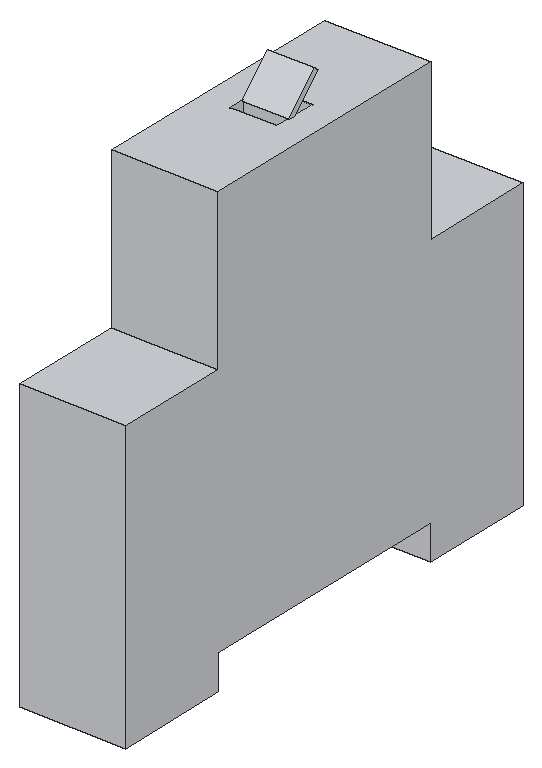
Revit family "Power-ModularDevices-GEWISS-90AM-SWITCH_DISCONNECTOR_1P", category Apparecchi elettrici, host Superficie, Revit 2016
Family settings
  Host = Superficie
  Mantenere orientamento annotazione = Sì
  Tipo di parte = Normale
  Quota connettore circolare = Usa diametro
  Numero OmniClass = 23.80.50.00
  Titolo OmniClass = Terminals for Power Supply
  Taglio con vuoti quando caricato = No
  Condiviso = No
  Punto di calcolo locali = Sì
Parameters (values of type "GW96149 - SWITCH DISCONNECTOR 1P 125A")
  potenza in watt = 0 V
  carico = Altro
  Version file RFA = "18.0"
  URL = "https://www.gewiss.com/ww/en"
  Technical sheet = "https://www.gewiss.com/ww/en/search?q=GW96149"
  Standard = "EN 60947-3"
  Spostamento_x = -340 mm
  SS [instance] = 69.967 mm
  SIMBOLO IN PIANTA [instance] = yes
  SEO = "Disconnector"
  Realized by GEWISS S.p.A. = ""
  Rated voltage AC = "240V"
  Rated voltage = "240Vac"
  Rated current: = "125A"
  Rated current (In) = "125A"
  Default Elevation = 1219.2 mm
  Produttore = "GEWISS S.p.A."
  Numero di poli_ = 1
  Spost_x_eff [instance] = 4000 mm + Spostamento_x  # 3660 mm
  Number of poles = "1P"
  No. of poles = "1P"
  No. of modules EN 50022 = "1"
  No. Chorus modules = "1"
  Modello = "GW96149"
  Immagine tipo = GW96149.jpg
  IFC.TypeObject = ""
  IFC.ExportType = ""
  IFC.ExportAs = ""
  IDT = "40516cf6-468f-4aee-98f1-bc95d749a16b"
  IDF = "5e9ca414-9624-4947-b1af-397c8127a2ce"
  Electrocod = "1422"
  EAN code = "8011564131644"
  Descrizione = "SWITCH DISCONNECTOR 1P 125A"
  Catalogue Range = "90 AM"
  Catalogue = "POWER"
  COBie.Tagnumber = ""
  COBie.CreatedOn = ""
  COBie.CreatebBy = ""
  COBie.ComponentRegisterItemID = ""
  COBie.Component.TagNumber = ""
  COBie.Component.Space = ""
  COBie.Component.SerialNumber = ""
  COBie.Component.InstallationDate = ""
  COBie.Component.Description = ""
  COBie.Component.BarCode = ""
  Barra_DIN = 0 mm
Types (7, lengths in mm): name | URL | Technical sheet | Rated current: | Rated current (In) | Produttore | Modello | Immagine tipo | IDT | EAN code | Descrizione
  (no name) | 0 | "" | "" | "" | 0 | 0 | GW96149.jpg | "" | "" | 0
  GW96149 - SWITCH DISCONNECTOR 1P 125A | "https://www.gewiss.com/ww/en" | "https://www.gewiss.com/ww/en/search?q=GW96149" | "125A" | "125A" | "GEWISS S.p.A." | "GW96149" | GW96149.jpg | "40516cf6-468f-4aee-98f1-bc95d749a16b" | "8011564131644" | "SWITCH DISCONNECTOR 1P 125A"
  GW96148 - SWITCH DISCONNECTOR 1P 100A | "https://www.gewiss.com/ww/en" | "https://www.gewiss.com/ww/en/search?q=GW96148" | "100A" | "100A" | "GEWISS S.p.A." | "GW96148" | GW96148.jpg | "bdb1aaac-9780-499d-ab9d-3ee8342d0ecb" | "8011564131637" | "SWITCH DISCONNECTOR 1P 100A"
  GW96147 - SWITCH DISCONNECTOR 1P 80A | "https://www.gewiss.com/ww/en" | "https://www.gewiss.com/ww/en/search?q=GW96147" | "80A" | "80A" | "GEWISS S.p.A." | "GW96147" | GW96147.jpg | "ab5e5b58-90d8-4495-8401-e3c192f40e53" | "8011564131620" | "SWITCH DISCONNECTOR 1P 80A"
  GW96146 - SWITCH DISCONNECTOR 1P 63A | "https://www.gewiss.com/ww/en" | "https://www.gewiss.com/ww/en/search?q=GW96146" | "63A" | "63A" | "GEWISS S.p.A." | "GW96146" | GW96146.jpg | "ce5ba25f-60f4-40e9-a796-1d1532b25aec" | "8011564131613" | "SWITCH DISCONNECTOR 1P 63A"
  GW96105 - SWITCH DISCONNECTOR 1P 40A | "https://www.gewiss.com/ww/en" | "https://www.gewiss.com/ww/en/search?q=GW96105" | "40A" | "40A" | "GEWISS S.p.A." | "GW96105" | GW96105.jpg | "442ad848-db56-4c22-94c7-95679c3976c1" | "8011564113695" | "SWITCH DISCONNECTOR 1P 40A"
  GW96104 - SWITCH DISCONNECTOR 1P 32A | "https://www.gewiss.com/ww/en" | "https://www.gewiss.com/ww/en/search?q=GW96104" | "32A" | "32A" | "GEWISS S.p.A." | "GW96104" | GW96104.jpg | "1d223dee-5e15-43fe-ab76-183caf28b087" | "8011564110250" | "SWITCH DISCONNECTOR 1P 32A"
Values of the unnamed type that differ from the named types
  Version file RFA = ""
  Standard = ""
  SEO = ""
  Rated voltage AC = ""
  Rated voltage = ""
  Number of poles = ""
  No. of poles = ""
  No. of modules EN 50022 = ""
  No. Chorus modules = ""
  IDF = ""
  Electrocod = ""
  Catalogue Range = ""
  Catalogue = ""
Reference planes
  plane 1 "Centro (Fronte/Retro)": y = 0
  plane 2: z = 0
  plane 3 "Centro (Sinistra/Destra)": x = 0
  plane 4: z = 0
  plane 5: x = -4000
  plane 6: x = -340
  plane 7: y = 69.967
  plane 8: through (-123.33, 176.629, 1219.2) normal (0.4695, 0.8829, 0)
  plane 9: y = -171.035
Text (mm)
  text "AB_O=5" at (124.836, -56.641, 0), in view "Livello rif."
Dimensions and locks
  "Barra_DIN": host face to plane 4
  plane 5 to plane 3 "Centro (Sinistra/Destra)" = 4000 mm
  "Spost_x_eff": plane 5 to plane 6
  "SS": plane 1 "Centro (Fronte/Retro)" to plane 7
  angle plane 8 to plane 9 = 28.00°  (x2)
  angle plane 3 "Centro (Sinistra/Destra)" to plane 8 = 62.00°
  angle plane 9 to plane 5 = 90.00°
  aligned and locked: plane 2 to host face
  aligned and locked: level to host face
  aligned and locked: plane 3 "Centro (Sinistra/Destra)" to nested 1
  aligned and locked: plane 1 "Centro (Fronte/Retro)" to nested 1
  aligned and locked: plane 6 to nested 2
  aligned and locked: nested 2 to plane 7
Automatic sketch dimensions
  host sketch curve to host sketch curve = 6519.2 mm
  host sketch curve to host sketch curve = 4328.142 mm
Nested families
  nested 1: "GENERICO - 90AM SEZIONATORI 1P" at (0, 0, 0), type "GENERICO - 90AM SEZIONATORI 1P"
  nested 2: "MANOVRA" at (-340, 69.967, 0), visible <- "SIMBOLO IN PIANTA", type "MANOVRA"
Connectors
  electrical at (-4, 0, 67.5), driven by "Numero di poli_", driven by "potenza in watt"
    settings: on nested 1, index 1, voltage 0 V, apparent load 0 VA, apparent load phase1 0 VA, apparent load phase2 0 VA, apparent load phase3 0 VA, power factor 1, load classification "Altro", number of poles 1, system type 31, power factor state 1, is connector primary yes, connector utility no, sub classification motor no, connector description ""
Definition of nested family "GENERICO - 90AM SEZIONATORI 1P"
  Parameters (values of type "GENERICO - 90AM SEZIONATORI 1P")
    h_barra din = if(Altezza barre = 1 mm, 69.9 mm, if(Altezza barre = 2 mm, 115.8 mm, 0 mm))  # 0 mm
    Default Elevation = 1219.2 mm
    H = if(AB_O = 1, AB_V, if(AB_O = 2, AB_H, 50.8 mm))  # 50.8 mm
    Dist barra din = 0 mm  # constant formula
    C1 = 49 mm  # constant formula
    C = 70 mm  # constant formula
    B = 84 mm  # constant formula
    Altezza barre = 5 mm  # constant formula
    AB_V = 3 mm  # constant formula
    AB_H = 5 mm  # constant formula
    AB_O = 0  # constant formula
    A = 18 mm  # constant formula
  Reference planes
    plane 1 "Centro (Fronte/Retro)": y = 0
    plane 2: z = 0
    plane 3 "Centro (Sinistra/Destra)": x = 0
    plane 4: y = -42
    plane 5: y = 42
    plane 6: z = 0
    plane 7: z = -6
    plane 8 "top": z = 70
    plane 9 "incasso": z = 43
    plane 10: y = -22.5
    plane 11: y = 22.5
    plane 12: x = -9
    plane 13: x = 9
    plane 14: through (4267.2, -42.5, 9) normal (0, -0.1901, 0.9818)
    plane 15 "POSIZIONE": z = 70
    plane 16: y = 3.75
    plane 17: y = -3.75
    plane 18: through (-18, -1524, 18.5) normal (-0.891, 0, -0.454)
    plane 19: through (-36.892, 84.001, 1200) normal (0.9205, -0.3907, 0)
    plane 20: through (63.319, -123.627, 1200) normal (-0.9925, 0.1219, 0)
    plane 21: x = -4
    plane 22: x = 4
    plane 23: z = 65
    plane 24: x = -1.458
    plane 25: x = 1.458
  Forms (mm)
    Extrusion 1, solid
      sketch origin (0, 0, 0) x (0, 1, 0) y (0, 0, 1)
        loop
          line (-22.5, 0) -> (22.5, 0) -> (22.5, -6) -> (42, -6) -> (42, 43) -> (22.5, 43) -> (22.5, 70) -> (-22.5, 70) -> (-22.5, 43) -> (-42, 43) -> (-42, -6) -> (-22.5, -6) -> (-22.5, 0)
      from -9 to 9
    Extrusion 2, void
      sketch origin (0, 0, 70) x (1, 0, 0) y (0, 1, 0)
        loop
          line (-4, 3.75) -> (-4, -3.75) -> (4, -3.75) -> (4, 3.75) -> (-4, 3.75)
      from -5 to 0
    Extrusion 3, solid
      sketch origin (0, 0, 0) x (0, 1, 0) y (0, 0, 1)
        loop
          line (0, 70) -> (4.778, 74.778) -> (4.175, 75.38) -> (-1.206, 70) -> (0, 70)
      from -4 to 4
    Extrusion 4, solid
      sketch origin (0, 0, 0) x (0, 1, 0) y (0, 0, 1)
        loop
          line (-0.971, 70) -> (-0.971, 65) -> (0, 65) -> (0, 70) -> (-0.971, 70)
      from -4 to 4
  Cuts and joins
    Extrusion 2 cuts Extrusion 1
    joined: Extrusion 3, Extrusion 4
  Lines and regions (mm)
    symbolic lines
      curve 1: line (0, 0, 15) -> (0, 0, -6)
      curve 2: line (0, -22.5, 0) -> (0, 22.5, 0)
    model lines
      curve 3: line (-9, 42, 43) -> (-9, 22.5, 43)
      curve 4: line (9, 42, 43) -> (9, 22.5, 43)
      curve 5: line (-9, -22.5, 43) -> (-9, -42, 43)
      curve 6: line (9, -22.5, 43) -> (9, -42, 43)
      curve 7: line (-9, 22.5, 70) -> (-9, 3.75, 70)
      curve 8: line (9, 22.5, 70) -> (9, 3.75, 70)
      curve 9: line (-9, -3.75, 70) -> (-9, -22.5, 70)
      curve 10: line (3.538, -13.625, 70) -> (3.538, -15.5, 70)
      curve 11: line (3.538, -15.5, 70) -> (7.288, -15.5, 70)
      curve 12: line (7.288, -15.5, 70) -> (7.288, -13.625, 70)
      curve 13: line (7.288, -13.625, 70) -> (3.538, -13.625, 70)
      curve 14: line (3.52, 10.53, 70) -> (8.796, 8.337, 70)
      curve 15: line (8.796, 8.337, 70) -> (8.796, 1.03, 70)
      curve 16: line (8.796, 1.03, 70) -> (-8.749, 1.03, 70)
      curve 17: line (-8.749, 1.03, 70) -> (-8.749, 8.337, 70)
      curve 18: line (-8.749, 8.337, 70) -> (-3.473, 10.53, 70)
      curve 19: line (-6.358, -8.726, 70) -> (-6.358, 1.03, 70)
      curve 20: line (-8.749, 6.53, 70) -> (8.796, 6.53, 70)
      curve 21: line (-9, -8.726, 70) -> (9, -8.726, 70)
      curve 22: line (5.016, 1.03, 70) -> (5.016, -8.726, 70)
      curve 23: line (5.016, -5.47, 70) -> (-4.969, -5.47, 70)
      curve 24: line (5.016, -3.47, 70) -> (-4.969, -3.47, 70)
      curve 25: line (-4.969, -8.726, 70) -> (-4.969, 1.03, 70)
      curve 26: line (6.405, -8.726, 70) -> (6.405, 1.03, 70)
      curve 112: line (-9, 10.53, 70) -> (9, 10.53, 70)
    model lines, detail levels fine
      curve 27: line (-5.074, -19.997, 70) -> (-5.074, -22.013, 70)
      curve 28: line (-5.074, -22.013, 70) -> (-5.749, -22.013, 70)
      curve 29: line (-5.749, -22.013, 70) -> (-6.141, -21.963, 70)
      curve 30: line (-6.141, -21.963, 70) -> (-6.62, -21.751, 70)
      curve 31: line (-6.62, -21.751, 70) -> (-7.001, -21.398, 70)
      curve 32: line (-7.001, -21.398, 70) -> (-7.253, -20.922, 70)
      curve 33: line (-7.253, -20.922, 70) -> (-7.331, -20.415, 70)
      curve 34: line (-7.331, -20.415, 70) -> (-7.255, -19.948, 70)
      curve 35: line (-7.255, -19.948, 70) -> (-7.053, -19.536, 70)
      curve 36: line (-7.053, -19.536, 70) -> (-6.689, -19.16, 70)
      curve 37: line (-6.689, -19.16, 70) -> (-6.25, -18.931, 70)
      curve 38: line (-6.25, -18.931, 70) -> (-5.756, -18.85, 70)
      curve 39: line (-5.756, -18.85, 70) -> (-5.074, -18.85, 70)
      curve 40: line (-5.074, -18.85, 70) -> (-5.074, -19.719, 70)
      curve 41: line (-5.074, -19.719, 70) -> (-6.221, -19.719, 70)
      curve 42: line (-6.221, -19.719, 70) -> (-6.221, -21.144, 70)
      curve 43: line (-6.221, -21.144, 70) -> (-5.942, -21.144, 70)
      curve 44: line (-5.942, -21.144, 70) -> (-5.942, -19.997, 70)
      curve 45: line (-5.942, -19.997, 70) -> (-5.074, -19.997, 70)
      curve 46: line (-2.345, -22.013, 70) -> (-4.796, -22.013, 70)
      curve 47: line (-4.796, -22.013, 70) -> (-4.796, -18.85, 70)
      curve 48: line (-4.796, -18.85, 70) -> (-3.492, -18.85, 70)
      curve 49: line (-3.492, -18.85, 70) -> (-3.492, -19.719, 70)
      curve 50: line (-3.492, -19.719, 70) -> (-3.927, -19.719, 70)
      curve 51: line (-3.927, -19.719, 70) -> (-3.927, -19.997, 70)
      curve 52: line (-3.927, -19.997, 70) -> (-2.345, -19.997, 70)
      curve 53: line (-2.345, -19.997, 70) -> (-2.345, -20.866, 70)
      curve 54: line (-2.345, -20.866, 70) -> (-3.927, -20.866, 70)
      curve 55: line (-3.927, -20.866, 70) -> (-3.927, -21.144, 70)
      curve 56: line (-3.927, -21.144, 70) -> (-2.345, -21.144, 70)
      curve 57: line (-2.345, -21.144, 70) -> (-2.345, -22.013, 70)
      curve 58: line (2.086, -22.013, 70) -> (2.086, -19.997, 70)
      curve 59: line (2.086, -19.997, 70) -> (1.217, -19.997, 70)
      curve 60: line (1.217, -19.997, 70) -> (1.217, -22.013, 70)
      curve 61: line (1.217, -22.013, 70) -> (2.086, -22.013, 70)
      curve 62: line (-0.825, -22.013, 70) -> (-0.564, -20.709, 70)
      curve 63: line (-0.564, -20.709, 70) -> (-0.303, -22.013, 70)
      curve 64: line (-0.303, -22.013, 70) -> (0.566, -22.013, 70)
      curve 65: line (0.566, -22.013, 70) -> (1.104, -19.719, 70)
      curve 66: line (1.104, -19.719, 70) -> (2.086, -19.719, 70)
      curve 67: line (2.086, -19.719, 70) -> (2.086, -18.85, 70)
      curve 68: line (2.086, -18.85, 70) -> (0.418, -18.85, 70)
      curve 69: line (0.418, -18.85, 70) -> (0.105, -20.188, 70)
      curve 70: line (0.105, -20.188, 70) -> (-0.112, -18.85, 70)
      curve 71: line (-0.112, -18.85, 70) -> (-1.016, -18.85, 70)
      curve 72: line (-1.016, -18.85, 70) -> (-1.233, -20.188, 70)
      curve 73: line (-1.233, -20.188, 70) -> (-1.546, -18.85, 70)
      curve 74: line (-1.546, -18.85, 70) -> (-3.214, -18.85, 70)
      curve 75: line (-3.214, -18.85, 70) -> (-3.214, -19.719, 70)
      curve 76: line (-3.214, -19.719, 70) -> (-2.232, -19.719, 70)
      curve 77: line (-2.232, -19.719, 70) -> (-1.695, -22.013, 70)
      curve 78: line (-1.695, -22.013, 70) -> (-0.825, -22.013, 70)
      curve 79: line (4.815, -18.85, 70) -> (2.364, -18.85, 70)
      curve 80: line (2.364, -18.85, 70) -> (2.364, -20.866, 70)
      curve 81: line (2.364, -20.866, 70) -> (3.946, -20.866, 70)
      curve 82: line (3.946, -20.866, 70) -> (3.946, -21.144, 70)
      curve 83: line (3.946, -21.144, 70) -> (2.364, -21.144, 70)
      curve 84: line (2.364, -21.144, 70) -> (2.364, -22.013, 70)
      curve 85: line (2.364, -22.013, 70) -> (4.815, -22.013, 70)
      curve 86: line (4.815, -22.013, 70) -> (4.815, -19.997, 70)
      curve 87: line (4.815, -19.997, 70) -> (3.233, -19.997, 70)
      curve 88: line (3.233, -19.997, 70) -> (3.233, -19.719, 70)
      curve 89: line (3.233, -19.719, 70) -> (4.815, -19.719, 70)
      curve 90: line (4.815, -19.719, 70) -> (4.815, -18.85, 70)
      curve 91: line (5.093, -18.85, 70) -> (5.093, -20.866, 70)
      curve 92: line (5.093, -20.866, 70) -> (6.568, -20.866, 70)
      curve 93: line (6.568, -20.866, 70) -> (6.568, -21.144, 70)
      curve 94: line (6.568, -21.144, 70) -> (5.093, -21.144, 70)
      curve 95: line (5.093, -21.144, 70) -> (5.093, -22.013, 70)
      curve 96: line (5.093, -22.013, 70) -> (5.962, -22.013, 70)
      curve 97: line (5.962, -22.013, 70) -> (6.464, -21.851, 70)
      curve 98: line (6.464, -21.851, 70) -> (6.788, -21.64, 70)
      curve 99: line (6.788, -21.64, 70) -> (7.158, -21.185, 70)
      curve 100: line (7.158, -21.185, 70) -> (7.331, -20.675, 70)
      curve 101: line (7.331, -20.675, 70) -> (7.336, -20.222, 70)
      curve 102: line (7.336, -20.222, 70) -> (7.289, -19.997, 70)
      curve 103: line (7.289, -19.997, 70) -> (5.962, -19.997, 70)
      curve 104: line (5.962, -19.997, 70) -> (5.962, -19.719, 70)
      curve 105: line (5.962, -19.719, 70) -> (7.17, -19.719, 70)
      curve 106: line (7.17, -19.719, 70) -> (7.013, -19.456, 70)
      curve 107: line (7.013, -19.456, 70) -> (6.787, -19.222, 70)
      curve 108: line (6.787, -19.222, 70) -> (6.473, -19.015, 70)
      curve 109: line (6.473, -19.015, 70) -> (6.144, -18.895, 70)
      curve 110: line (6.144, -18.895, 70) -> (5.775, -18.85, 70)
      curve 111: line (5.775, -18.85, 70) -> (5.093, -18.85, 70)
    model lines, detail levels medium+fine
      curve 113: line (0.541, -35.844, 43) -> (-0.752, -35.498, 43)
      curve 114: line (-0.752, -35.498, 43) -> (-1.699, -34.551, 43)
      curve 115: line (-1.699, -34.551, 43) -> (-2.046, -33.258, 43)
      curve 116: line (-2.046, -33.258, 43) -> (-1.699, -31.964, 43)
      curve 117: line (-1.699, -31.964, 43) -> (-0.752, -31.017, 43)
      curve 118: line (-0.752, -31.017, 43) -> (0.541, -30.671, 43)
      curve 119: line (0.541, -30.671, 43) -> (1.834, -31.017, 43)
      curve 120: line (1.834, -31.017, 43) -> (2.781, -31.964, 43)
      curve 121: line (2.781, -31.964, 43) -> (3.128, -33.258, 43)
      curve 122: line (3.128, -33.258, 43) -> (2.781, -34.551, 43)
      curve 123: line (2.781, -34.551, 43) -> (1.834, -35.498, 43)
      curve 124: line (1.834, -35.498, 43) -> (0.541, -35.844, 43)
      curve 125: line (-0.812, -31.905, 43) -> (1.894, -34.611, 43)
      curve 126: line (-0.812, -34.611, 43) -> (1.894, -31.905, 43)
      curve 127: line (0.541, 35.829, 43) -> (-0.752, 35.483, 43)
      curve 128: line (-0.752, 35.483, 43) -> (-1.699, 34.536, 43)
      curve 129: line (-1.699, 34.536, 43) -> (-2.046, 33.242, 43)
      curve 130: line (-2.046, 33.242, 43) -> (-1.699, 31.949, 43)
      curve 131: line (-1.699, 31.949, 43) -> (-0.752, 31.002, 43)
      curve 132: line (-0.752, 31.002, 43) -> (0.541, 30.656, 43)
      curve 133: line (0.541, 30.656, 43) -> (1.834, 31.002, 43)
      curve 134: line (1.834, 31.002, 43) -> (2.781, 31.949, 43)
      curve 135: line (2.781, 31.949, 43) -> (3.128, 33.242, 43)
      curve 136: line (3.128, 33.242, 43) -> (2.781, 34.536, 43)
      curve 137: line (2.781, 34.536, 43) -> (1.834, 35.483, 43)
      curve 138: line (1.834, 35.483, 43) -> (0.541, 35.829, 43)
      curve 139: line (0.72, 35.147, 43) -> (0.361, 31.337, 43)
      curve 140: line (2.446, 33.063, 43) -> (-1.364, 33.422, 43)
  Text (mm)
    text "AB_V" at (0, 50.868, 44.72), in view "Destra"
    text "AB_O" at (0, -80.659, 111.963), in view "Destra"
    text "AB_O" at (-90.351, 0, 31.414), in view "Anteriore"
    text "AB_V=0" at (25.467, -49.469, 0), in view "Livello rif."
  Dimensions and locks
    equal spacing: plane 4, plane 1 "Centro (Fronte/Retro)", plane 5
    "B": plane 4 to plane 5
    "Dist barra din": plane 6 to level
    locked: plane 6 to plane 7 at 6
    "C": plane 15 "POSIZIONE" to plane 6
    equal spacing: plane 10, plane 1 "Centro (Fronte/Retro)", plane 11
    plane 10 to plane 11 = 45 mm
    equal spacing: plane 12, plane 3 "Centro (Sinistra/Destra)", plane 13
    "A": plane 12 to plane 13
    "C1": plane 9 "incasso" to plane 7
    plane 12 to plane 13 = 18 mm
    equal spacing: plane 21, plane 3 "Centro (Sinistra/Destra)", plane 22
    equal spacing: plane 17, plane 1 "Centro (Fronte/Retro)", plane 16
    plane 17 to plane 16 = 7.5 mm
    locked: plane 15 "POSIZIONE" to plane 23 at 5
    equal spacing: plane 24, plane 3 "Centro (Sinistra/Destra)", plane 25
    angle level to plane 14 = 10.9557°
    angle plane 4 to plane 8 "top" = 90.00°
    angle plane 15 "POSIZIONE" to plane 13 = 90.00°
    angle plane 7 to plane 18 = 117.00°
    angle plane 19 to plane 20 = 16.00°
    angle plane 20 to plane 13 = 7.00°
    aligned and locked: level to plane 2
    aligned and locked: Extrusion 1 sketch curve to plane 6
    aligned and locked: Extrusion 1 sketch curve to plane 7
    aligned and locked: Extrusion 1 sketch curve to plane 4
    aligned and locked: Extrusion 1 sketch curve to plane 9 "incasso"  (x2)
    aligned and locked: Extrusion 1 sketch curve to plane 11  (x2)
    aligned and locked: Extrusion 1 sketch curve to plane 5
    aligned and locked: Extrusion 1 sketch curve to plane 10  (x2)
    aligned and locked: plane 1 "Centro (Fronte/Retro)" to curve 1
    aligned and locked: Extrusion 1 to plane 6
    aligned and locked: Extrusion 1 to plane 12
    aligned and locked: plane 13 to Extrusion 1
    aligned and locked: plane 15 "POSIZIONE" to Extrusion 1 sketch curve
    aligned and locked: Extrusion 2 sketch curve to plane 16
    aligned and locked: Extrusion 2 sketch curve to plane 21
    aligned and locked: plane 17 to Extrusion 2 sketch curve
    aligned and locked: plane 22 to Extrusion 2 sketch curve
    aligned and locked: cut or joined group of Extrusion 1, Extrusion 2 to plane 23
    aligned and locked: plane 8 "top" to Extrusion 2
    aligned and locked: Extrusion 4 sketch curve to plane 1 "Centro (Fronte/Retro)"
    aligned and locked: Extrusion 4 to plane 21
    aligned and locked: plane 22 to Extrusion 4
    aligned and locked: Extrusion 3 to plane 21
    aligned and locked: plane 22 to Extrusion 3
  Automatic sketch dimensions
    Extrusion 1 sketch curve to plane 7 = 0 mm
    curve 2 to level = 0 mm
    curve 2 to plane 10 = 0 mm
    curve 2 to plane 11 = 0 mm
    curve 1 to plane 7 = 0 mm
    level to curve 1 = 15 mm
    curve 4 to plane 5 = 0 mm
    curve 3 to plane 5 = 0 mm
    curve 4 to plane 11 = 0 mm
    curve 3 to plane 11 = 0 mm
    curve 6 to plane 10 = 0 mm
    curve 5 to plane 10 = 0 mm
    curve 6 to plane 4 = 0 mm
    curve 5 to plane 4 = 0 mm
    curve 3 to plane 12 = 0 mm
    curve 5 to plane 12 = 0 mm
    curve 4 to plane 13 = 0 mm
    curve 6 to plane 13 = 0 mm
    curve 7 to plane 11 = 0 mm
    curve 7 to plane 12 = 0 mm
    curve 21 to plane 12 = 0 mm
    curve 21 to plane 13 = 0 mm
    curve 8 to plane 13 = 0 mm
    curve 9 to plane 10 = 0 mm
    plane 17 to curve 9 = 0 mm
    plane 16 to curve 7 = 0 mm
    plane 16 to curve 8 = 0 mm
    curve 8 to plane 11 = 0 mm
    plane 12 to curve 16 = 0.251 mm
    plane 12 to curve 34 = 1.669 mm
    curve 33 to curve 34 = 0.076 mm
    curve 33 to curve 33 = 0.078 mm
    curve 34 to curve 35 = 0.202 mm
    curve 32 to curve 32 = 0.252 mm
    curve 35 to curve 36 = 0.363 mm
    plane 10 to curve 31 = 0.749 mm
    curve 31 to curve 31 = 0.381 mm
    curve 36 to curve 38 = 0.439 mm
    curve 30 to curve 43 = 0.399 mm
    plane 10 to curve 30 = 0.537 mm
    curve 30 to curve 30 = 0.479 mm
    curve 42 to curve 44 = 0.279 mm
    curve 37 to curve 39 = 0.494 mm
    plane 10 to curve 29 = 0.487 mm
    curve 29 to curve 29 = 0.392 mm
    curve 38 to curve 39 = 0.682 mm
    curve 27 to curve 40 = 0 mm
    curve 39 to curve 48 = 0.278 mm
    plane 21 to curve 52 = 0.073 mm
    plane 21 to curve 55 = 0.073 mm
    plane 21 to curve 48 = 0.508 mm
    curve 48 to curve 74 = 0.278 mm
    curve 52 to plane 24 = 0.888 mm
    curve 53 to curve 57 = 0 mm
    curve 52 to curve 76 = 0.113 mm
    curve 78 to plane 24 = 0.237 mm
    curve 74 to plane 24 = 0.088 mm
    plane 24 to curve 73 = 0.225 mm
    plane 24 to curve 71 = 0.442 mm
    plane 24 to curve 62 = 0.633 mm
    curve 63 to plane 3 "Centro (Sinistra/Destra)" = 0.564 mm
    curve 63 to plane 3 "Centro (Sinistra/Destra)" = 0.303 mm
    curve 70 to plane 3 "Centro (Sinistra/Destra)" = 0.112 mm
    plane 3 "Centro (Sinistra/Destra)" to curve 70 = 0.105 mm
    plane 3 "Centro (Sinistra/Destra)" to curve 69 = 0.418 mm
    plane 3 "Centro (Sinistra/Destra)" to curve 65 = 0.566 mm
    curve 65 to plane 25 = 0.354 mm
    curve 59 to plane 25 = 0.241 mm
    plane 25 to curve 58 = 0.628 mm
    plane 25 to curve 68 = 0.628 mm
    curve 58 to curve 85 = 0.278 mm
    curve 67 to curve 79 = 0.278 mm
    curve 88 to plane 22 = 0.767 mm
    curve 10 to plane 22 = 0.462 mm
    curve 82 to plane 22 = 0.054 mm
    plane 22 to curve 85 = 0.815 mm
    curve 90 to curve 86 = 0 mm
    curve 85 to curve 94 = 0.278 mm
    curve 79 to curve 91 = 0.278 mm
    curve 91 to curve 111 = 0.682 mm
    curve 95 to curve 96 = 0.869 mm
    curve 86 to curve 104 = 1.147 mm
    curve 110 to curve 110 = 0.369 mm
    plane 10 to curve 98 = 0.649 mm
    curve 96 to curve 98 = 0.502 mm
    curve 109 to curve 108 = 0.329 mm
    curve 97 to curve 92 = 0.104 mm
    curve 108 to curve 107 = 0.315 mm
    plane 10 to curve 99 = 0.86 mm
    curve 97 to curve 99 = 0.324 mm
    curve 107 to curve 107 = 0.226 mm
    curve 98 to curve 100 = 0.371 mm
    curve 106 to curve 105 = 0.157 mm
    curve 13 to plane 13 = 1.712 mm
    curve 105 to curve 103 = 0.118 mm
    curve 100 to curve 101 = 0.172 mm
    curve 102 to curve 102 = 0.047 mm
    curve 15 to plane 13 = 0.204 mm
    curve 47 to curve 27 = 0 mm
    plane 10 to curve 86 = 0.487 mm
    plane 10 to curve 65 = 0.487 mm
    curve 58 to curve 84 = 0 mm
    plane 10 to curve 77 = 0.487 mm
    plane 10 to curve 97 = 0.487 mm
    curve 30 to curve 31 = 0.353 mm
    curve 98 to curve 99 = 0.455 mm
    curve 29 to curve 43 = 0.82 mm
    curve 46 to curve 56 = 0.869 mm
    curve 84 to curve 84 = 0.869 mm
    curve 95 to curve 95 = 0.869 mm
    curve 31 to curve 32 = 0.476 mm
    curve 56 to curve 53 = 0.278 mm
    curve 83 to curve 80 = 0.278 mm
    curve 94 to curve 92 = 0.278 mm
    curve 63 to curve 63 = 1.303 mm
    curve 100 to curve 100 = 0.51 mm
    curve 32 to curve 34 = 0.507 mm
    curve 100 to curve 101 = 0.453 mm
    curve 63 to curve 69 = 0.521 mm
    curve 63 to curve 73 = 0.521 mm
    curve 43 to curve 45 = 1.147 mm
    curve 69 to curve 60 = 0.191 mm
    curve 101 to curve 103 = 0.225 mm
    curve 81 to curve 88 = 0.869 mm
    curve 54 to curve 52 = 0.869 mm
    curve 33 to curve 35 = 0.468 mm
    curve 59 to curve 66 = 0.278 mm
    curve 44 to curve 41 = 0.278 mm
    curve 102 to curve 106 = 0.278 mm
    curve 87 to curve 89 = 0.278 mm
    curve 51 to curve 75 = 0.278 mm
    curve 51 to curve 51 = 0.278 mm
    curve 34 to curve 35 = 0.412 mm
    curve 105 to curve 106 = 0.263 mm
    curve 106 to curve 107 = 0.234 mm
    curve 35 to curve 37 = 0.376 mm
    curve 107 to curve 108 = 0.207 mm
    curve 36 to curve 37 = 0.228 mm
    curve 108 to curve 109 = 0.12 mm
    curve 65 to curve 69 = 0.869 mm
    curve 72 to curve 71 = 1.338 mm
    curve 89 to curve 79 = 0.869 mm
    curve 73 to curve 71 = 0 mm
    curve 37 to curve 38 = 0.081 mm
    curve 79 to curve 91 = 0 mm
    curve 39 to curve 47 = 0 mm
    curve 79 to curve 10 = 3.35 mm
    curve 10 to curve 13 = 1.875 mm
    curve 17 to plane 1 "Centro (Fronte/Retro)" = 1.03 mm
    curve 17 to plane 16 = 4.587 mm
    curve 14 to plane 16 = 4.587 mm
    curve 19 to plane 21 = 2.358 mm
    curve 25 to plane 21 = 0.969 mm
    plane 21 to curve 18 = 0.527 mm
    curve 14 to plane 22 = 0.48 mm
    curve 24 to plane 17 = 0.28 mm
    plane 22 to curve 24 = 1.016 mm
    curve 22 to curve 26 = 1.39 mm
    plane 17 to curve 19 = 4.976 mm
    plane 17 to curve 23 = 1.72 mm
    curve 20 to curve 17 = 1.807 mm
    curve 17 to curve 18 = 2.193 mm
    Extrusion 3 sketch curve to plane 8 "top" = 0 mm
    Extrusion 3 sketch curve to plane 1 "Centro (Fronte/Retro)" = 0 mm
    plane 1 "Centro (Fronte/Retro)" to Extrusion 3 sketch curve = 1.206 mm
    Extrusion 3 sketch curve to plane 1 "Centro (Fronte/Retro)" = 4.175 mm
    Extrusion 3 sketch curve to Extrusion 3 sketch curve = 0.603 mm
    Extrusion 4 sketch curve to plane 23 = 0 mm
    Extrusion 4 sketch curve to plane 8 "top" = 0 mm
    Extrusion 4 sketch curve to Extrusion 4 sketch curve = 0.971 mm
    curve 138 to plane 5 = 6.171 mm
    curve 127 to curve 127 = 0.347 mm
    curve 127 to curve 137 = 0.347 mm
    curve 127 to curve 128 = 0.947 mm
    curve 137 to curve 137 = 0.947 mm  (x2)
    curve 128 to curve 130 = 1.293 mm
    curve 136 to curve 136 = 1.293 mm
    curve 135 to curve 134 = 1.293 mm
    curve 129 to curve 130 = 1.293 mm
    curve 130 to curve 132 = 0.947 mm
    curve 134 to curve 133 = 0.947 mm
    curve 131 to curve 133 = 0.347 mm
    curve 118 to plane 10 = 8.171 mm
    curve 118 to curve 120 = 0.347 mm
    curve 118 to curve 117 = 0.347 mm
    curve 117 to curve 117 = 0.947 mm
    curve 119 to curve 120 = 0.947 mm
    curve 120 to curve 122 = 1.293 mm
    curve 116 to curve 115 = 1.293 mm  (x2)
    curve 122 to curve 123 = 1.293 mm
    curve 122 to curve 123 = 0.947 mm
    curve 114 to curve 113 = 0.947 mm
    curve 123 to curve 124 = 0.347 mm
    curve 115 to curve 116 = 0.347 mm
    curve 129 to curve 130 = 0.347 mm
    curve 129 to curve 128 = 0.347 mm
    curve 116 to curve 115 = 0.347 mm
    curve 116 to curve 118 = 0.947 mm
    curve 130 to curve 131 = 0.947 mm
    curve 114 to curve 114 = 0.947 mm
    curve 128 to curve 127 = 0.947 mm
    curve 117 to curve 119 = 1.293 mm
    curve 131 to curve 133 = 1.293 mm
    curve 128 to curve 127 = 1.293 mm
    curve 113 to curve 124 = 1.293 mm
    curve 118 to curve 119 = 1.293 mm
    curve 132 to curve 133 = 1.293 mm
    curve 127 to curve 137 = 1.293 mm
    curve 124 to curve 124 = 1.293 mm
    curve 123 to curve 122 = 0.947 mm
    curve 119 to curve 121 = 0.947 mm
    curve 133 to curve 135 = 0.947 mm
    curve 134 to curve 135 = 0.347 mm
    curve 120 to curve 122 = 0.347 mm
    curve 127 to curve 139 = 0.682 mm
    curve 140 to curve 129 = 0.18 mm
    curve 135 to curve 140 = 0.18 mm
    curve 139 to curve 133 = 0.682 mm
    curve 125 to curve 116 = 0.06 mm
    curve 126 to curve 120 = 0.06 mm
    curve 114 to curve 126 = 0.06 mm
    curve 122 to curve 125 = 0.06 mm
    curve 129 to curve 140 = 0.682 mm
    curve 114 to curve 126 = 0.887 mm
    curve 116 to curve 125 = 0.887 mm
    curve 139 to curve 133 = 0.18 mm
    curve 127 to curve 139 = 0.18 mm
    curve 126 to curve 120 = 0.887 mm
    curve 125 to curve 122 = 0.887 mm
    curve 140 to curve 135 = 0.682 mm
    curve 129 to plane 24 = 0.588 mm
    curve 115 to plane 24 = 0.588 mm
Definition of nested family "MANOVRA"
  Reference planes
    plane 1: y = 0
    plane 2: x = 0
  Lines and regions (mm)
    detail lines, not visible
      curve 1: line (0, 0, 0) -> (-0.001, 3.334, 0)
      curve 2: line (0.277, 3.334, 0) -> (-0.278, 3.334, 0)
      curve 3: line (-0.278, 3.334, 0) -> (-0.001, 4.223, 0)
      curve 4: line (-0.001, 4.223, 0) -> (0.277, 3.334, 0)
      curve 5: line (0.277, 3.334, 0) -> (-0.001, 4.223, 0)
      curve 6: line (-0.001, 4.223, 0) -> (-0.278, 3.334, 0)
      curve 7: line (-0.278, 3.334, 0) -> (0.277, 3.334, 0)
      curve 8: line (0.277, 3.334, 0) -> (-0.001, 4.223, 0)
      curve 9: line (-0.001, 4.223, 0) -> (-0.278, 3.334, 0)
      curve 10: line (-0.445, 4.612, 0) -> (0.444, 4.612, 0)
      curve 11: line (0.444, 4.612, 0) -> (0.444, 2.39, 0)
      curve 12: line (0.444, 2.39, 0) -> (-0.445, 2.389, 0)
      curve 13: line (-0.445, 2.389, 0) -> (-0.445, 4.612, 0)
      curve 18: line (5.101, 5.36, 0) -> (5.101, 6.027, 0)
      curve 19: line (4.934, 5.36, 0) -> (5.268, 5.36, 0)
      curve 20: line (4.545, 5.249, 0) -> (5.101, 4.082, 0)
      curve 21: line (5.101, 4.082, 0) -> (5.101, 1.026, 0)
    detail lines
      curve 14: line (0, 4.334, 0) -> (0, 5.001, 0)
      curve 15: line (-0.167, 4.334, 0) -> (0.167, 4.334, 0)
      curve 16: line (-0.556, 4.223, 0) -> (0, 3.056, 0)
      curve 17: line (0, 3.056, 0) -> (0, 0, 0)
  Dimensions and locks
    aligned and locked: plane 1 to curve 17
    aligned and locked: curve 17 to plane 2
